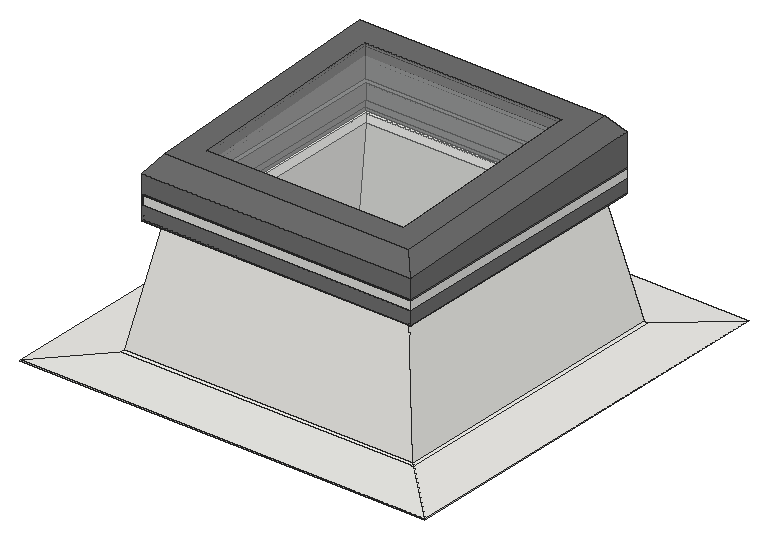
Revit family "Windows_Skylights_Lamilux_FE3°_allin", category Fenster, Revit 2019 (continued)
Definition of nested family "FE3°_Basis"
  Dimensions and locks
    locked: cut or joined group of Extrusion 42, Extrusion 43, Extrusion 61 to Extrusion 59 sketch curve at 2
    locked: Extrusion 64 sketch curve to nested 1 at 200
    locked: plane 6 to Extrusion 64 sketch curve at 160
    locked: Extrusion 64 to plane 4 at 160
    locked: Extrusion 64 to plane 5 at 160
    locked: nested 1 to Extrusion 65 sketch curve at 28.4
    level to Extrusion 64 = 700 mm
    locked: Extrusion 65 to plane 4 at 5.854
    locked: Extrusion 65 to plane 5 at 5.854
    locked: plane 4 to Extrusion 67 at 90
    locked: plane 5 to Extrusion 67 at 90
    locked: Extrusion 68 sketch curve to nested 1 at 3
    locked: Extrusion 68 sketch curve to nested 1 at 46
    locked: nested 1 to Extrusion 68 sketch curve at 19.9
    Extrusion 69 sketch curve to nested 1 to Extrusion 69 sketch curve = 4 mm, 4 mm
    Extrusion 69 sketch curve to Sweep 1 = 6 mm
    locked: Extrusion 70 sketch curve to Extrusion 70 sketch curve at 78.9
    locked: Extrusion 70 sketch curve to Extrusion 70 sketch curve at 43.5
    locked: Extrusion 70 sketch curve to Extrusion 70 sketch curve at 28.851
    locked: Extrusion 70 sketch curve to Extrusion 70 sketch curve at 63.156
    locked: Extrusion 70 sketch curve to Extrusion 70 sketch curve at 20
    locked: Extrusion 70 sketch curve to Extrusion 70 sketch curve at 66.4
    locked: Revolve 72 sketch curve to cut or joined group of Extrusion 70, Extrusion 71 at 46
    locked: Revolve 72 sketch curve to cut or joined group of Extrusion 70, Extrusion 71 at 20
    locked: Revolve 72 sketch curve to cut or joined group of Extrusion 70, Extrusion 71 at 43.607
    locked: Revolve 72 sketch curve to Revolve 72 sketch curve at 5
    locked: Revolve 72 sketch curve to Revolve 72 sketch curve at 398.5
    locked: Revolve 72 to Extrusion 73 sketch curve at 53.5
    locked: Extrusion 73 sketch curve to Extrusion 73 sketch curve at 160
    locked: Extrusion 73 sketch curve to Revolve 72 at 25.5
    locked: Extrusion 74 sketch curve to Extrusion 74 sketch curve at 6
    locked: Extrusion 74 sketch curve to Extrusion 74 sketch curve at 12
    locked: Revolve 72 sketch curve to Revolve 72 sketch curve at 17.5
    locked: Revolve 72 sketch curve to Revolve 72 sketch curve at 33
    locked: Extrusion 75 sketch curve to Extrusion 75 sketch curve at 14
    Extrusion 75 sketch curve to Extrusion 75 sketch curve to cut or joined group of Revolve 72, Extrusion 73, Extrusion 74, Extrusion 75 = 20 mm locked, 33.5 mm
    equal spacing: plane 11 "Lüfter_links", plane 3 "Mitte (Links/rechts)", plane 10 "Lüfter_rechts"
    plane 11 "Lüfter_links" to plane 10 "Lüfter_rechts" = 710 mm
    Extrusion 77 sketch curve to plane 11 "Lüfter_links" = 4 mm
    locked: Revolve 80 sketch curve to Revolve 80 sketch curve at 9.5
    Extrusion 85 sketch curve to plane 10 "Lüfter_rechts" = 4 mm
    locked: Revolve 87 sketch curve to Revolve 87 sketch curve at 9.5
    locked: Extrusion 92 sketch curve to Extrusion 92 sketch curve at 37.25
    Extrusion 92 sketch curve to Extrusion 92 sketch curve to Extrusion 92 sketch curve = 79 mm locked, 24.65 mm
    Extrusion 92 sketch curve to Extrusion 92 sketch curve = 17 mm  (x3)
    Extrusion 92 sketch curve to Extrusion 92 sketch curve = 10.25 mm
    Extrusion 92 sketch curve to Extrusion 92 sketch curve = 25.25 mm
    Extrusion 92 sketch curve to Extrusion 92 sketch curve = 43.75 mm
    locked: Revolve 94 sketch curve to Revolve 94 sketch curve at 566
    locked: nested 1 to Extrusion 79 sketch curve at 95
    locked: cut or joined group of Extrusion 86, Extrusion 88 to Extrusion 88 sketch curve at 95
    locked: cut or joined group of Extrusion 86, Extrusion 88 to Revolve 94 sketch curve at 24.35
    locked: Revolve 107 sketch curve to cut or joined group of Extrusion 86, Extrusion 88 at 46
    locked: cut or joined group of Extrusion 86, Extrusion 88 to Revolve 107 sketch curve at 37.5
    locked: Revolve 107 sketch curve to Revolve 107 sketch curve at 194
    locked: Extrusion 108 sketch curve to Extrusion 108 sketch curve at 44
    locked: Extrusion 108 sketch curve to Extrusion 108 sketch curve at 2.5
    locked: Extrusion 109 sketch curve to Extrusion 109 sketch curve at 7
    locked: Extrusion 110 sketch curve to Extrusion 110 sketch curve at 3  (x2)
    Revolve 107 to Extrusion 110 sketch curve = 27 mm
    radius of Extrusion 35 sketch curve = 40 mm
    radius of Extrusion 42 sketch curve = 19 mm
    radius of Extrusion 35 sketch curve = 19 mm
    radius of Extrusion 58 sketch curve = 19.037 mm
    locked: Sweep 3 sketch curve to Sweep 3 sketch curve (angle 93.00°)
    locked: Extrusion 35 sketch curve to nested 1 (angle 34.00°)
    locked: Extrusion 42 sketch curve to nested 1 (angle 34.00°)
    locked: Extrusion 58 sketch curve to Extrusion 41 (angle 34.00°)
    aligned and locked: level to plane 2
    aligned and locked: plane 3 "Mitte (Links/rechts)" to nested 1
    aligned and locked: Sweep 1 to Sweep 2 sketch curve
    aligned and locked: SweptBlend 5 sketch curve to Sweep 4
    aligned and locked: Sweep 4 to SweptBlend 6 sketch curve
    aligned and locked: Sweep 7 sketch curve to SweptBlend 5
    aligned and locked: Sweep 7 sketch curve to nested 1
    aligned and locked: SweptBlend 5 to Sweep 7 sketch curve
    aligned and locked: Sweep 8 sketch curve to profile plane
    aligned and locked: Sweep 1 to Sweep 3 sketch curve
    aligned and locked: Sweep 3 sketch curve to Sweep 1
    aligned and locked: Sweep 3 to Sweep 4 sketch curve
    aligned and locked: SweptBlend 5 sketch curve to Sweep 3
    aligned and locked: Sweep 3 to SweptBlend 6 sketch curve
    aligned and locked: Sweep 8 sketch curve to cut or joined group of Sweep 3, Sweep 4, SweptBlend 5, SweptBlend 6, Sweep 7, Sweep 8, Sweep 9
    aligned and locked: Sweep 9 sketch curve to cut or joined group of Sweep 3, Sweep 4, SweptBlend 5, SweptBlend 6, Sweep 7, Sweep 8, Sweep 9
    aligned and locked: Sweep 10 sketch curve to profile plane  (x2)
    aligned and locked: Sweep 10 sketch curve to cut or joined group of Sweep 3, Sweep 4, SweptBlend 5, SweptBlend 6, Sweep 7, Sweep 8, Sweep 9  (x2)
    aligned and locked: cut or joined group of Sweep 3, Sweep 4, SweptBlend 5, SweptBlend 6, Sweep 7, Sweep 8, Sweep 9 to Sweep 10 sketch curve
    aligned and locked: Sweep 11 sketch curve to profile plane  (x3)
    aligned and locked: Sweep 11 sketch curve to Sweep 10
    aligned and locked: cut or joined group of Sweep 3, Sweep 4, SweptBlend 5, SweptBlend 6, Sweep 7, Sweep 8, Sweep 9 to Sweep 11 sketch curve  (x3)
    aligned and locked: Extrusion 28 sketch curve to nested 1
    aligned and locked: Extrusion 28 sketch curve to Extrusion 28 sketch curve  (x2)
    aligned and locked: nested 1 to Extrusion 28 sketch curve
    aligned and locked: Extrusion 29 sketch curve to cut or joined group of Extrusion 28, Extrusion 29, Extrusion 71  (x9)
    aligned and locked: cut or joined group of Extrusion 28, Extrusion 29, Extrusion 71 to Extrusion 29 sketch curve
    aligned and locked: Extrusion 30 sketch curve to cut or joined group of Extrusion 28, Extrusion 29, Extrusion 71  (x2)
    aligned and locked: Sweep 34 sketch curve to cut or joined group of Extrusion 31, Extrusion 32, Extrusion 33, Extrusion 71, Extrusion 93
    aligned and locked: cut or joined group of Extrusion 31, Extrusion 32, Extrusion 33, Extrusion 71, Extrusion 93 to Sweep 34 sketch curve
    aligned and locked: Sweep 34 sketch curve to Sweep 34 sketch curve  (x4)
    aligned and locked: cut or joined group of Extrusion 28, Extrusion 29, Extrusion 71 to Extrusion 37 sketch curve
    aligned and locked: Extrusion 37 sketch curve to cut or joined group of Extrusion 28, Extrusion 29, Extrusion 71  (x5)
    aligned and locked: Extrusion 38 sketch curve to cut or joined group of Extrusion 28, Extrusion 29, Extrusion 71  (x6)
    aligned and locked: Extrusion 37 to Extrusion 39 sketch curve
    aligned and locked: Extrusion 39 sketch curve to Extrusion 37  (x2)
    aligned and locked: Extrusion 39 sketch curve to cut or joined group of Extrusion 28, Extrusion 29, Extrusion 71
    aligned and locked: Extrusion 40 sketch curve to Extrusion 38  (x3)
    aligned and locked: Extrusion 40 sketch curve to cut or joined group of Extrusion 28, Extrusion 29, Extrusion 71
    aligned and locked: Extrusion 41 sketch curve to Extrusion 30  (x4)
    aligned and locked: Sweep 48 sketch curve to cut or joined group of Sweep 34, Extrusion 36, Extrusion 71, Extrusion 93
    aligned and locked: Sweep 48 sketch curve to cut or joined group of Extrusion 44, Extrusion 45, Extrusion 46, Extrusion 47, Extrusion 88, Extrusion 103  (x2)
    aligned and locked: Sweep 48 sketch curve to Sweep 48 sketch curve  (x4)
    aligned and locked: Extrusion 49 sketch curve to cut or joined group of Extrusion 28, Extrusion 29, Extrusion 71  (x6)
    aligned and locked: Extrusion 50 sketch curve to cut or joined group of Extrusion 28, Extrusion 29, Extrusion 71  (x5)
    aligned and locked: cut or joined group of Extrusion 28, Extrusion 29, Extrusion 71 to Extrusion 50 sketch curve
    aligned and locked: Extrusion 51 sketch curve to Extrusion 49  (x3)
    aligned and locked: Extrusion 51 sketch curve to cut or joined group of Extrusion 28, Extrusion 29, Extrusion 71
    aligned and locked: Extrusion 50 to Extrusion 52 sketch curve
    aligned and locked: Extrusion 52 sketch curve to Extrusion 50  (x2)
    aligned and locked: Extrusion 52 sketch curve to cut or joined group of Extrusion 28, Extrusion 29, Extrusion 71
    aligned and locked: Extrusion 53 sketch curve to Extrusion 30  (x4)
    aligned and locked: Extrusion 12 sketch curve to cut or joined group of Extrusion 15, Extrusion 29, Extrusion 98  (x6)
    aligned and locked: cut or joined group of Extrusion 15, Extrusion 29, Extrusion 98 to Extrusion 22 sketch curve
    aligned and locked: Extrusion 22 sketch curve to cut or joined group of Extrusion 15, Extrusion 29, Extrusion 98  (x5)
    aligned and locked: cut or joined group of Extrusion 22, Extrusion 29, Extrusion 33, Extrusion 93 to Extrusion 16 sketch curve
    aligned and locked: Extrusion 16 sketch curve to cut or joined group of Extrusion 22, Extrusion 29, Extrusion 33, Extrusion 93  (x5)
    aligned and locked: cut or joined group of Extrusion 22, Extrusion 29, Extrusion 33, Extrusion 93 to Extrusion 19 sketch curve
    aligned and locked: Extrusion 19 sketch curve to cut or joined group of Extrusion 22, Extrusion 29, Extrusion 33, Extrusion 93  (x5)
    aligned and locked: cut or joined group of Extrusion 22, Extrusion 29, Extrusion 33, Extrusion 93 to Extrusion 23 sketch curve
    aligned and locked: Extrusion 23 sketch curve to cut or joined group of Extrusion 22, Extrusion 29, Extrusion 33, Extrusion 93  (x5)
    aligned and locked: cut or joined group of Extrusion 22, Extrusion 29, Extrusion 33, Extrusion 93 to Extrusion 24 sketch curve
    aligned and locked: cut or joined group of Extrusion 22, Extrusion 29, Extrusion 33, Extrusion 93 to Extrusion 17 sketch curve
    aligned and locked: Extrusion 17 sketch curve to Extrusion 24
    aligned and locked: cut or joined group of Extrusion 22, Extrusion 29, Extrusion 33, Extrusion 93 to Extrusion 13 sketch curve
    aligned and locked: Extrusion 13 sketch curve to Extrusion 24
    aligned and locked: cut or joined group of Extrusion 22, Extrusion 29, Extrusion 33, Extrusion 93 to Extrusion 20 sketch curve
    aligned and locked: Extrusion 20 sketch curve to Extrusion 24
    aligned and locked: cut or joined group of Extrusion 22, Extrusion 29, Extrusion 33, Extrusion 93 to Extrusion 25 sketch curve
    aligned and locked: Extrusion 25 sketch curve to Extrusion 24
    aligned and locked: Extrusion 26 sketch curve to Extrusion 24
    aligned and locked: Extrusion 18 sketch curve to Extrusion 26  (x6)
    aligned and locked: Extrusion 14 sketch curve to Extrusion 26  (x6)
    aligned and locked: Extrusion 21 sketch curve to Extrusion 26  (x6)
    aligned and locked: Extrusion 27 sketch curve to Extrusion 26  (x6)
    aligned and locked: Extrusion 32 sketch curve to cut or joined group of Extrusion 31, Extrusion 32, Extrusion 33, Extrusion 71, Extrusion 93  (x4)
    aligned and locked: Extrusion 54 sketch curve to cut or joined group of Extrusion 31, Extrusion 32, Extrusion 33, Extrusion 71, Extrusion 93  (x14)
    aligned and locked: cut or joined group of Extrusion 31, Extrusion 32, Extrusion 33, Extrusion 71, Extrusion 93 to Extrusion 55 sketch curve  (x2)
    aligned and locked: Extrusion 55 sketch curve to cut or joined group of Extrusion 31, Extrusion 32, Extrusion 33, Extrusion 71, Extrusion 93  (x3)
    aligned and locked: Extrusion 57 sketch curve to cut or joined group of Extrusion 31, Extrusion 32, Extrusion 33, Extrusion 71, Extrusion 93  (x4)
    aligned and locked: cut or joined group of Extrusion 31, Extrusion 32, Extrusion 33, Extrusion 71, Extrusion 93 to Extrusion 57 sketch curve
    aligned and locked: Extrusion 56 sketch curve to cut or joined group of Extrusion 31, Extrusion 32, Extrusion 33, Extrusion 71, Extrusion 93  (x4)
    aligned and locked: cut or joined group of Extrusion 31, Extrusion 32, Extrusion 33, Extrusion 71, Extrusion 93 to Extrusion 44 sketch curve  (x2)
    aligned and locked: Extrusion 44 sketch curve to cut or joined group of Extrusion 31, Extrusion 32, Extrusion 33, Extrusion 71, Extrusion 93  (x11)
    aligned and locked: cut or joined group of Extrusion 31, Extrusion 32, Extrusion 33, Extrusion 71, Extrusion 93 to Extrusion 47 sketch curve
    aligned and locked: cut or joined group of Extrusion 44, Extrusion 45, Extrusion 46, Extrusion 47, Extrusion 88, Extrusion 103 to Extrusion 47 sketch curve
    aligned and locked: Extrusion 47 sketch curve to cut or joined group of Extrusion 44, Extrusion 45, Extrusion 46, Extrusion 47, Extrusion 88, Extrusion 103  (x6)
    aligned and locked: Extrusion 47 sketch curve to cut or joined group of Extrusion 31, Extrusion 32, Extrusion 33, Extrusion 71, Extrusion 93
    aligned and locked: Extrusion 45 sketch curve to cut or joined group of Extrusion 44, Extrusion 45, Extrusion 46, Extrusion 47, Extrusion 88, Extrusion 103  (x5)
    aligned and locked: Extrusion 45 sketch curve to cut or joined group of Extrusion 31, Extrusion 32, Extrusion 33, Extrusion 71, Extrusion 93
    aligned and locked: cut or joined group of Extrusion 44, Extrusion 45, Extrusion 46, Extrusion 47, Extrusion 88, Extrusion 103 to Extrusion 45 sketch curve
    aligned and locked: cut or joined group of Extrusion 44, Extrusion 45, Extrusion 46, Extrusion 47, Extrusion 88, Extrusion 103 to Extrusion 46 sketch curve
    aligned and locked: Extrusion 46 sketch curve to cut or joined group of Extrusion 44, Extrusion 45, Extrusion 46, Extrusion 47, Extrusion 88, Extrusion 103
    aligned and locked: Sweep 60 sketch curve to Sweep 48  (x3)
    aligned and locked: Sweep 60 sketch curve to cut or joined group of Sweep 34, Extrusion 36, Extrusion 71, Extrusion 93
    aligned and locked: cut or joined group of Sweep 34, Extrusion 36, Extrusion 71, Extrusion 93 to Sweep 60 sketch curve
    aligned and locked: Sweep 60 sketch curve to cut or joined group of Extrusion 54, Extrusion 55, Extrusion 56, Extrusion 57, Extrusion 59
    aligned and locked: Sweep 60 sketch curve to Sweep 60 sketch curve  (x2)
    aligned and locked: cut or joined group of Extrusion 54, Extrusion 55, Extrusion 56, Extrusion 57, Extrusion 59 to Sweep 60 sketch curve
    aligned and locked: Extrusion 33 sketch curve to cut or joined group of Extrusion 44, Extrusion 45, Extrusion 46, Extrusion 47, Extrusion 88, Extrusion 103  (x4)
    aligned and locked: cut or joined group of Extrusion 42, Extrusion 43, Extrusion 61 to Extrusion 61 sketch curve  (x2)
    aligned and locked: cut or joined group of Extrusion 35, Extrusion 36, Extrusion 62, Extrusion 93 to Extrusion 62 sketch curve  (x2)
    aligned and locked: cut or joined group of Extrusion 58, Extrusion 59, Extrusion 63 to Extrusion 63 sketch curve  (x2)
    aligned and locked: Extrusion 64 sketch curve to level
    aligned and locked: Extrusion 64 sketch curve to nested 1
    aligned and locked: Extrusion 65 sketch curve to cut or joined group of Sweep 3, Sweep 4, SweptBlend 5, SweptBlend 6, Sweep 7, Sweep 8, Sweep 9  (x3)
    aligned and locked: Sweep 66 sketch curve to Extrusion 65
    aligned and locked: Sweep 66 to Extrusion 67 sketch curve
    aligned and locked: Extrusion 67 sketch curve to Sweep 66  (x2)
    aligned and locked: Extrusion 65 to Extrusion 67 sketch curve
    aligned and locked: Extrusion 68 sketch curve to Sweep 1
    aligned and locked: Extrusion 69 sketch curve to Extrusion 69 sketch curve
    aligned and locked: Extrusion 70 sketch curve to nested 1  (x2)
    aligned and locked: nested 1 to Extrusion 70 sketch curve
    aligned and locked: Extrusion 71 sketch curve to Extrusion 70
    aligned and locked: Revolve 72 sketch curve to Revolve 72 sketch curve
    aligned and locked: Extrusion 74 sketch curve to cut or joined group of Extrusion 68, Extrusion 69
    aligned and locked: Extrusion 75 sketch curve to cut or joined group of Revolve 72, Extrusion 73, Extrusion 74, Extrusion 75
    aligned and locked: Extrusion 75 sketch curve to cut or joined group of Extrusion 70, Extrusion 71
    aligned and locked: Extrusion 76 sketch curve to cut or joined group of Extrusion 68, Extrusion 69  (x8)
    aligned and locked: Extrusion 77 sketch curve to Extrusion 77 sketch curve
    aligned and locked: Extrusion 78 sketch curve to cut or joined group of Extrusion 70, Extrusion 71  (x14)
    aligned and locked: Extrusion 78 sketch curve to cut or joined group of Extrusion 38, Extrusion 40, Extrusion 88, Extrusion 103
    aligned and locked: Extrusion 78 sketch curve to nested 1
    aligned and locked: Revolve 80 sketch curve to cut or joined group of Revolve 72, Extrusion 73, Extrusion 74, Extrusion 75  (x4)
    aligned and locked: Extrusion 81 sketch curve to cut or joined group of Revolve 72, Extrusion 73, Extrusion 74, Extrusion 75  (x4)
    aligned and locked: Extrusion 82 sketch curve to cut or joined group of Revolve 72, Extrusion 73, Extrusion 74, Extrusion 75  (x3)
    aligned and locked: Extrusion 82 sketch curve to cut or joined group of Extrusion 68, Extrusion 69
    aligned and locked: Extrusion 83 sketch curve to cut or joined group of Revolve 72, Extrusion 73, Extrusion 74, Extrusion 75  (x4)
    aligned and locked: Extrusion 83 sketch curve to cut or joined group of Extrusion 70, Extrusion 71
    aligned and locked: Extrusion 84 sketch curve to cut or joined group of Extrusion 68, Extrusion 69  (x8)
    aligned and locked: Extrusion 86 sketch curve to cut or joined group of Extrusion 70, Extrusion 71  (x14)
    aligned and locked: Extrusion 86 sketch curve to cut or joined group of Extrusion 38, Extrusion 40, Extrusion 88, Extrusion 103
    aligned and locked: Revolve 87 sketch curve to cut or joined group of Revolve 80, Extrusion 81, Extrusion 82, Extrusion 83
    aligned and locked: Revolve 87 sketch curve to cut or joined group of Revolve 72, Extrusion 73, Extrusion 74, Extrusion 75
    aligned and locked: Revolve 87 sketch curve to Revolve 87 sketch curve
    aligned and locked: Extrusion 89 sketch curve to cut or joined group of Revolve 72, Extrusion 73, Extrusion 74, Extrusion 75  (x4)
    aligned and locked: Extrusion 90 sketch curve to Revolve 87
    aligned and locked: Extrusion 90 sketch curve to cut or joined group of Revolve 72, Extrusion 73, Extrusion 74, Extrusion 75  (x2)
    aligned and locked: Extrusion 90 sketch curve to cut or joined group of Extrusion 84, Extrusion 85
    aligned and locked: Extrusion 91 sketch curve to Extrusion 89
    aligned and locked: Extrusion 91 sketch curve to cut or joined group of Revolve 72, Extrusion 73, Extrusion 74, Extrusion 75  (x3)
    aligned and locked: Extrusion 92 sketch curve to cut or joined group of Extrusion 38, Extrusion 40, Extrusion 88, Extrusion 103
    aligned and locked: Extrusion 93 sketch curve to cut or joined group of Extrusion 92, Extrusion 93
    aligned and locked: Revolve 94 sketch curve to Revolve 94 sketch curve
    aligned and locked: Extrusion 95 sketch curve to cut or joined group of Revolve 87, Extrusion 89, Extrusion 90, Extrusion 91
    aligned and locked: Extrusion 96 sketch curve to Revolve 94  (x3)
    aligned and locked: Extrusion 97 sketch curve to cut or joined group of Extrusion 38, Extrusion 40, Extrusion 88, Extrusion 103
    aligned and locked: Extrusion 97 sketch curve to cut or joined group of Extrusion 92, Extrusion 93  (x8)
    aligned and locked: Extrusion 98 sketch curve to cut or joined group of Extrusion 92, Extrusion 93  (x2)
    aligned and locked: Revolve 99 sketch curve to cut or joined group of Revolve 94, Extrusion 95, Extrusion 96  (x4)
    aligned and locked: Revolve 99 sketch curve to Revolve 99 sketch curve
    aligned and locked: cut or joined group of Revolve 94, Extrusion 95, Extrusion 96 to Revolve 99 sketch curve
    aligned and locked: Extrusion 100 sketch curve to cut or joined group of Extrusion 84, Extrusion 85
    aligned and locked: Extrusion 100 sketch curve to cut or joined group of Revolve 94, Extrusion 95, Extrusion 96
    aligned and locked: Extrusion 101 sketch curve to cut or joined group of Revolve 94, Extrusion 95, Extrusion 96  (x4)
    aligned and locked: Extrusion 102 sketch curve to cut or joined group of Extrusion 38, Extrusion 40, Extrusion 88, Extrusion 103
    aligned and locked: Extrusion 102 sketch curve to cut or joined group of Extrusion 92, Extrusion 93  (x7)
    aligned and locked: cut or joined group of Extrusion 92, Extrusion 93 to Extrusion 102 sketch curve
    aligned and locked: Extrusion 103 sketch curve to Extrusion 102
    aligned and locked: Extrusion 103 sketch curve to cut or joined group of Extrusion 92, Extrusion 93
    aligned and locked: Revolve 104 sketch curve to cut or joined group of Revolve 94, Extrusion 95, Extrusion 96  (x4)
    aligned and locked: Revolve 104 sketch curve to Revolve 104 sketch curve
    aligned and locked: cut or joined group of Revolve 94, Extrusion 95, Extrusion 96 to Revolve 104 sketch curve
    aligned and locked: Extrusion 105 sketch curve to Revolve 104  (x2)
    aligned and locked: Extrusion 105 sketch curve to cut or joined group of Revolve 94, Extrusion 95, Extrusion 96
    aligned and locked: Extrusion 106 sketch curve to cut or joined group of Extrusion 84, Extrusion 85
    aligned and locked: Extrusion 106 sketch curve to cut or joined group of Revolve 94, Extrusion 95, Extrusion 96
    aligned and locked: Extrusion 79 sketch curve to cut or joined group of Extrusion 86, Extrusion 88
    aligned and locked: Extrusion 88 sketch curve to cut or joined group of Extrusion 86, Extrusion 88
    aligned and locked: Revolve 107 sketch curve to Revolve 107 sketch curve
    aligned and locked: Extrusion 108 sketch curve to cut or joined group of Extrusion 86, Extrusion 88  (x10)
    aligned and locked: Extrusion 108 sketch curve to cut or joined group of Extrusion 38, Extrusion 40, Extrusion 88, Extrusion 103
    aligned and locked: Extrusion 108 sketch curve to cut or joined group of Extrusion 70, Extrusion 71
    aligned and locked: Extrusion 109 sketch curve to Revolve 107
    aligned and locked: Extrusion 109 sketch curve to cut or joined group of Extrusion 84, Extrusion 85
    aligned and locked: Extrusion 110 sketch curve to Revolve 107  (x2)
    aligned and locked: Extrusion 91 sketch curve to cut or joined group of Extrusion 86, Extrusion 88
  Automatic sketch dimensions
    profile plane to Sweep 1 sketch curve = 1.601 mm
    Sweep 1 sketch curve to profile plane = 5.899 mm
    Sweep 1 sketch curve to profile plane = 7.899 mm
    Sweep 1 sketch curve to profile plane = 10.499 mm
    Sweep 1 sketch curve to Sweep 1 sketch curve = 12.5 mm
    Sweep 1 sketch curve to Sweep 1 sketch curve = 28.684 mm
    Sweep 1 sketch curve to profile plane = 4.8 mm  (x2)
    Sweep 1 sketch curve to Sweep 1 sketch curve = 30.1 mm
    Sweep 1 sketch curve to Sweep 1 sketch curve = 13 mm
    Sweep 1 sketch curve to Sweep 1 sketch curve = 15.8 mm
    Sweep 1 sketch curve to Sweep 1 sketch curve = 10.6 mm
    Sweep 1 sketch curve to Sweep 1 sketch curve = 0.405 mm
    Sweep 1 sketch curve to Sweep 1 sketch curve = 11.3 mm
    Sweep 1 sketch curve to Sweep 1 sketch curve = 1.3 mm  (x2)
    Sweep 1 sketch curve to Sweep 1 sketch curve = 5.6 mm  (x2)
    Sweep 1 sketch curve to Sweep 1 sketch curve = 13.5 mm
    Sweep 1 sketch curve to Sweep 1 sketch curve = 7 mm
    profile plane to Sweep 1 sketch curve = 3.5 mm
    profile plane to Sweep 1 sketch curve = 3.9 mm
    Sweep 1 sketch curve to Sweep 1 sketch curve = 20.1 mm
    Sweep 1 sketch curve to Sweep 1 sketch curve = 20.6 mm
    Sweep 1 sketch curve to Sweep 1 sketch curve = 1.8 mm
    Sweep 1 sketch curve to Sweep 1 sketch curve = 18.6 mm
    Sweep 1 sketch curve to Sweep 1 sketch curve = 16.2 mm
    Sweep 2 sketch curve to Sweep 2 sketch curve = 1.154 mm
    Sweep 2 sketch curve to profile plane = 54.209 mm
    Sweep 2 sketch curve to Sweep 2 sketch curve = 20 mm
    Sweep 4 sketch curve to profile plane = 0 mm  (x2)
    profile plane to Sweep 4 sketch curve = 52.716 mm
    profile plane to Sweep 4 sketch curve = 81.4 mm
    profile plane to Sweep 4 sketch curve = 15.9 mm
    SweptBlend 5 sketch curve to profile plane = 0 mm  (x2)
    profile plane to SweptBlend 5 sketch curve = 0 mm  (x2)
    SweptBlend 5 sketch curve to SweptBlend 5 sketch curve = 52.716 mm  (x2)
    profile plane to SweptBlend 5 sketch curve = 15.9 mm  (x2)
    SweptBlend 5 sketch curve to SweptBlend 5 sketch curve = 28.684 mm
    SweptBlend 5 sketch curve to SweptBlend 5 sketch curve = 81.4 mm
    SweptBlend 6 sketch curve to profile plane = 0 mm  (x4)
    profile plane to SweptBlend 6 sketch curve = 52.716 mm  (x2)
    profile plane to SweptBlend 6 sketch curve = 15.9 mm  (x2)
    SweptBlend 6 sketch curve to SweptBlend 6 sketch curve = 28.684 mm
    profile plane to SweptBlend 6 sketch curve = 81.4 mm
    Sweep 7 sketch curve to profile plane = 0 mm  (x2)
    profile plane to Sweep 7 sketch curve = 34.948 mm  (x2)
    Sweep 7 sketch curve to Sweep 7 sketch curve = 28.3 mm  (x2)
    profile plane to Sweep 8 sketch curve = 29.567 mm
    Sweep 8 sketch curve to Sweep 8 sketch curve = 34.963 mm
    Sweep 9 sketch curve to profile plane = 0 mm
    profile plane to Sweep 9 sketch curve = 27.185 mm
    profile plane to Sweep 10 sketch curve = 6 mm
    Sweep 10 sketch curve to Sweep 10 sketch curve = 20.027 mm
    Sweep 10 sketch curve to Sweep 10 sketch curve = 8 mm  (x2)
    Sweep 10 sketch curve to Sweep 10 sketch curve = 34.027 mm
    Sweep 10 sketch curve to Sweep 10 sketch curve = 6 mm
    Sweep 11 sketch curve to Sweep 11 sketch curve = 4 mm
    Extrusion 28 sketch curve to Extrusion 28 sketch curve = 9.23 mm  (x2)
    Extrusion 28 sketch curve to Extrusion 28 sketch curve = 45.578 mm
    Extrusion 28 sketch curve to Extrusion 28 sketch curve = 5 mm
    Extrusion 15 sketch curve to plane 6 = 139.3 mm
    Extrusion 15 sketch curve to Extrusion 15 sketch curve = 2.7 mm
    Extrusion 15 sketch curve to Extrusion 15 sketch curve = 34.6 mm
    Extrusion 15 sketch curve to Extrusion 15 sketch curve = 40 mm
    Extrusion 15 sketch curve to Extrusion 15 sketch curve = 0 mm
    Extrusion 15 sketch curve to Extrusion 15 sketch curve = 18.168 mm
    Extrusion 24 sketch curve to plane 6 = 124.257 mm
    Extrusion 24 sketch curve to Extrusion 24 sketch curve = 18 mm
    Extrusion 24 sketch curve to Extrusion 24 sketch curve = 24 mm
    Extrusion 26 sketch curve to Extrusion 26 sketch curve = 5 mm  (x2)
    Extrusion 26 sketch curve to Extrusion 26 sketch curve = 30 mm
    Extrusion 26 sketch curve to Extrusion 26 sketch curve = 37.5 mm
    Extrusion 13 sketch curve to plane 6 = 124.257 mm
    Extrusion 13 sketch curve to Extrusion 13 sketch curve = 18 mm
    Extrusion 17 sketch curve to plane 6 = 124.257 mm
    Extrusion 17 sketch curve to Extrusion 17 sketch curve = 18 mm
    Extrusion 20 sketch curve to plane 6 = 124.257 mm
    Extrusion 20 sketch curve to Extrusion 20 sketch curve = 18 mm
    Extrusion 25 sketch curve to plane 6 = 124.257 mm
    Extrusion 25 sketch curve to Extrusion 25 sketch curve = 18 mm
    Extrusion 35 sketch curve to Extrusion 35 sketch curve = 9.25 mm
    Extrusion 35 sketch curve to Extrusion 35 sketch curve = 0 mm
    Sweep 34 sketch curve to Sweep 34 sketch curve = 3 mm  (x4)
    Sweep 34 sketch curve to Sweep 34 sketch curve = 28 mm
    Sweep 34 sketch curve to Sweep 34 sketch curve = 17 mm  (x2)
    Sweep 34 sketch curve to Sweep 34 sketch curve = 20 mm  (x2)
    Sweep 48 sketch curve to Sweep 48 sketch curve = 3 mm  (x4)
    Sweep 48 sketch curve to Sweep 48 sketch curve = 17 mm  (x2)
    Sweep 48 sketch curve to Sweep 48 sketch curve = 20 mm  (x2)
    plane 7 to Sweep 34 sketch curve = 117.5 mm
    level to Sweep 48 sketch curve = 258.08 mm
    plane 7 to Sweep 48 sketch curve = 117.5 mm
    Extrusion 31 sketch curve to Extrusion 31 sketch curve = 14.039 mm
    Extrusion 31 sketch curve to Extrusion 31 sketch curve = 18.794 mm  (x2)
    Extrusion 31 sketch curve to Extrusion 31 sketch curve = 5.667 mm
    Extrusion 31 sketch curve to Extrusion 31 sketch curve = 16.298 mm
    Extrusion 31 sketch curve to Extrusion 31 sketch curve = 39.37 mm
    Extrusion 31 sketch curve to Extrusion 31 sketch curve = 150 mm
    Extrusion 31 sketch curve to Extrusion 31 sketch curve = 10.432 mm
    Extrusion 31 sketch curve to Extrusion 31 sketch curve = 9.416 mm
    Extrusion 31 sketch curve to Extrusion 31 sketch curve = 9.29 mm
    Extrusion 31 sketch curve to Extrusion 31 sketch curve = 39.029 mm
    Extrusion 31 sketch curve to Extrusion 31 sketch curve = 5.488 mm
    Extrusion 31 sketch curve to Extrusion 31 sketch curve = 20 mm
    Extrusion 31 sketch curve to Extrusion 31 sketch curve = 8.73 mm
    Extrusion 31 sketch curve to Extrusion 31 sketch curve = 15.57 mm
    Extrusion 31 sketch curve to Extrusion 31 sketch curve = 37.488 mm
    Extrusion 31 sketch curve to Extrusion 31 sketch curve = 26 mm
    Extrusion 31 sketch curve to Extrusion 31 sketch curve = 20.1 mm
    Extrusion 31 sketch curve to Extrusion 31 sketch curve = 33.16 mm
    level to Sweep 34 sketch curve = 260.08 mm
    Extrusion 32 sketch curve to Extrusion 32 sketch curve = 12.039 mm
    Extrusion 32 sketch curve to Extrusion 32 sketch curve = 35.5 mm
    Extrusion 32 sketch curve to Extrusion 32 sketch curve = 7.29 mm
    Extrusion 32 sketch curve to Extrusion 32 sketch curve = 42.517 mm
    Extrusion 32 sketch curve to Extrusion 32 sketch curve = 20 mm
    Extrusion 32 sketch curve to Extrusion 32 sketch curve = 62.617 mm
    Extrusion 32 sketch curve to Extrusion 32 sketch curve = 24.461 mm
    Extrusion 54 sketch curve to Extrusion 54 sketch curve = 18.794 mm  (x2)
    Extrusion 54 sketch curve to Extrusion 54 sketch curve = 5.667 mm
    Extrusion 55 sketch curve to Extrusion 55 sketch curve = 12.039 mm
    Extrusion 55 sketch curve to Extrusion 55 sketch curve = 24.461 mm
    Extrusion 57 sketch curve to Extrusion 57 sketch curve = 35.5 mm
    Extrusion 57 sketch curve to Extrusion 57 sketch curve = 7.29 mm
    Extrusion 44 sketch curve to Extrusion 44 sketch curve = 18.794 mm  (x2)
    Extrusion 44 sketch curve to Extrusion 44 sketch curve = 5.667 mm
    Extrusion 44 sketch curve to Extrusion 44 sketch curve = 28.084 mm
    Extrusion 47 sketch curve to Extrusion 47 sketch curve = 18.794 mm
    Extrusion 45 sketch curve to Extrusion 45 sketch curve = 18.794 mm
    Extrusion 45 sketch curve to Extrusion 45 sketch curve = 5.667 mm
    Extrusion 46 sketch curve to Extrusion 46 sketch curve = 150 mm
    Sweep 60 sketch curve to profile plane = 3 mm  (x2)
    Sweep 60 sketch curve to Sweep 60 sketch curve = 3 mm  (x4)
    Sweep 60 sketch curve to Sweep 60 sketch curve = 20 mm  (x4)
    Extrusion 26 sketch curve to plane 6 = 130 mm
    plane 7 to Extrusion 31 sketch curve = 168.5 mm
    Extrusion 44 sketch curve to Extrusion 44 sketch curve = 14.039 mm
    Extrusion 54 sketch curve to Extrusion 54 sketch curve = 14.039 mm
    Extrusion 54 sketch curve to Extrusion 54 sketch curve = 9.29 mm
    plane 4 to Sweep 66 sketch curve = 0 mm
    Sweep 66 sketch curve to plane 5 = 0 mm
    plane 7 to Sweep 66 sketch curve = 0 mm
    Sweep 66 sketch curve to plane 6 = 0 mm
    Sweep 66 sketch curve to level = 0 mm
    Sweep 66 sketch curve to profile plane = 0 mm
    profile plane to Sweep 66 sketch curve = 22.218 mm
    profile plane to Sweep 66 sketch curve = 90 mm
    level to Sweep 66 sketch curve = 7.944 mm
    Sweep 66 sketch curve to Sweep 66 sketch curve = 131.557 mm
    Sweep 66 sketch curve to Sweep 66 sketch curve = 1.826 mm
    Sweep 66 sketch curve to profile plane = 28.443 mm
    Extrusion 32 sketch curve to Extrusion 32 sketch curve = 50 mm
    Extrusion 32 sketch curve to plane 6 = 117.5 mm
    Extrusion 68 sketch curve to Extrusion 68 sketch curve = 0 mm  (x3)
    Extrusion 68 sketch curve to Extrusion 68 sketch curve = 5.511 mm
    Extrusion 68 sketch curve to Extrusion 68 sketch curve = 6 mm
    Extrusion 68 sketch curve to Extrusion 68 sketch curve = 24.786 mm
    Extrusion 68 sketch curve to Extrusion 68 sketch curve = 0.014 mm
    Extrusion 68 sketch curve to Extrusion 68 sketch curve = 5 mm
    Extrusion 68 sketch curve to Extrusion 68 sketch curve = 20 mm
    Extrusion 68 sketch curve to Extrusion 68 sketch curve = 7.222 mm
    Extrusion 68 sketch curve to Extrusion 68 sketch curve = 7.212 mm
    Extrusion 69 sketch curve to plane 3 "Mitte (Links/rechts)" = 12 mm
    Extrusion 69 sketch curve to Extrusion 69 sketch curve = 18 mm  (x2)
    Extrusion 69 sketch curve to Extrusion 69 sketch curve = 8 mm
    Extrusion 69 sketch curve to Extrusion 69 sketch curve = 0 mm  (x2)
    Extrusion 69 sketch curve to Extrusion 69 sketch curve = 31.142 mm
    Extrusion 69 sketch curve to Extrusion 69 sketch curve = 19.615 mm
    Extrusion 70 sketch curve to Extrusion 70 sketch curve = 0.32 mm
    Extrusion 70 sketch curve to Extrusion 70 sketch curve = 5.075 mm
    Extrusion 70 sketch curve to Extrusion 70 sketch curve = 6.5 mm
    Extrusion 70 sketch curve to Extrusion 70 sketch curve = 5 mm
    Extrusion 70 sketch curve to Extrusion 70 sketch curve = 1.5 mm
    Extrusion 70 sketch curve to Extrusion 70 sketch curve = 4.101 mm
    Extrusion 70 sketch curve to Extrusion 70 sketch curve = 1.044 mm
    Extrusion 70 sketch curve to Extrusion 70 sketch curve = 1.427 mm
    Extrusion 70 sketch curve to Extrusion 70 sketch curve = 0.256 mm
    Extrusion 70 sketch curve to Extrusion 70 sketch curve = 10 mm
    Extrusion 70 sketch curve to Extrusion 70 sketch curve = 1.549 mm
    Extrusion 70 sketch curve to Extrusion 70 sketch curve = 6.913 mm
    Extrusion 71 sketch curve to Extrusion 71 sketch curve = 80 mm
    Extrusion 71 sketch curve to Extrusion 71 sketch curve = 58.993 mm
    Extrusion 73 sketch curve to Extrusion 73 sketch curve = 69.942 mm
    Revolve 72 sketch curve to Revolve 72 sketch curve = 4.65 mm
    Revolve 72 sketch curve to Revolve 72 sketch curve = 4.496 mm
    Extrusion 74 sketch curve to Extrusion 74 sketch curve = 0 mm
    Extrusion 74 sketch curve to Extrusion 74 sketch curve = 5.995 mm  (x2)
    Extrusion 74 sketch curve to Extrusion 74 sketch curve = 0.714 mm
    Extrusion 74 sketch curve to Extrusion 74 sketch curve = 11.99 mm
    Extrusion 75 sketch curve to Extrusion 75 sketch curve = 14.311 mm
    Extrusion 77 sketch curve to plane 11 "Lüfter_links" = 12 mm
    Extrusion 77 sketch curve to Extrusion 77 sketch curve = 19.979 mm
    plane 11 "Lüfter_links" to Extrusion 77 sketch curve = 4 mm
    Extrusion 77 sketch curve to Extrusion 77 sketch curve = 8 mm
    Extrusion 77 sketch curve to Extrusion 77 sketch curve = 20 mm
    Extrusion 77 sketch curve to Extrusion 77 sketch curve = 0 mm
    Extrusion 77 sketch curve to Extrusion 77 sketch curve = 31.142 mm  (x2)
    Extrusion 78 sketch curve to Extrusion 78 sketch curve = 6.913 mm
    Extrusion 78 sketch curve to Extrusion 78 sketch curve = 5.075 mm
    Extrusion 78 sketch curve to Extrusion 78 sketch curve = 1.293 mm
    Revolve 80 sketch curve to Revolve 80 sketch curve = 0 mm
    Revolve 80 sketch curve to plane 6 = 109.639 mm
    Extrusion 82 sketch curve to Extrusion 82 sketch curve = 5.995 mm  (x2)
    Extrusion 85 sketch curve to plane 10 "Lüfter_rechts" = 12 mm
    Extrusion 85 sketch curve to Extrusion 85 sketch curve = 18 mm  (x2)
    plane 10 "Lüfter_rechts" to Extrusion 85 sketch curve = 4 mm
    Extrusion 85 sketch curve to Extrusion 85 sketch curve = 8 mm
    Extrusion 85 sketch curve to Extrusion 85 sketch curve = 0 mm  (x2)
    Extrusion 85 sketch curve to Extrusion 85 sketch curve = 31.142 mm  (x2)
    Extrusion 86 sketch curve to Extrusion 86 sketch curve = 6.913 mm
    Extrusion 86 sketch curve to Extrusion 86 sketch curve = 5.075 mm
    Extrusion 86 sketch curve to Extrusion 86 sketch curve = 1.293 mm
    Revolve 87 sketch curve to plane 6 = 119.131 mm
    Revolve 87 sketch curve to Revolve 87 sketch curve = 0.074 mm
    Revolve 87 sketch curve to Revolve 87 sketch curve = 1.822 mm
    Revolve 87 sketch curve to Revolve 87 sketch curve = 0 mm
    Extrusion 90 sketch curve to Extrusion 90 sketch curve = 5.995 mm  (x2)
    Extrusion 92 sketch curve to Extrusion 92 sketch curve = 11.123 mm  (x2)
    Extrusion 92 sketch curve to Extrusion 92 sketch curve = 26.25 mm
    Extrusion 92 sketch curve to Extrusion 92 sketch curve = 16 mm
    Extrusion 93 sketch curve to Extrusion 93 sketch curve = 67 mm
    Extrusion 93 sketch curve to Extrusion 93 sketch curve = 79 mm
    Revolve 94 sketch curve to Revolve 94 sketch curve = 3.95 mm
    Revolve 94 sketch curve to Revolve 94 sketch curve = 3.4 mm
    Revolve 94 sketch curve to Revolve 94 sketch curve = 10.15 mm
    Revolve 94 sketch curve to Revolve 94 sketch curve = 12.8 mm
    Revolve 94 sketch curve to Revolve 94 sketch curve = 4.6 mm
    Revolve 94 sketch curve to level = 49.75 mm
    Revolve 94 sketch curve to Revolve 94 sketch curve = 0 mm
    Extrusion 95 sketch curve to Extrusion 95 sketch curve = 0 mm  (x2)
    Extrusion 96 sketch curve to plane 6 = 111.5 mm
    Extrusion 96 sketch curve to Extrusion 96 sketch curve = 24.5 mm
    Extrusion 98 sketch curve to Extrusion 98 sketch curve = 67 mm
    Extrusion 98 sketch curve to Extrusion 98 sketch curve = 79 mm
    Revolve 99 sketch curve to plane 6 = 136 mm
    Revolve 99 sketch curve to Revolve 99 sketch curve = 3.95 mm
    Revolve 99 sketch curve to Revolve 99 sketch curve = 3.43 mm
    Revolve 99 sketch curve to Revolve 99 sketch curve = 17.5 mm
    Revolve 99 sketch curve to Revolve 99 sketch curve = 0 mm
    Extrusion 103 sketch curve to Extrusion 103 sketch curve = 67 mm
    Extrusion 103 sketch curve to Extrusion 103 sketch curve = 79 mm
    Revolve 104 sketch curve to plane 6 = 136 mm
    Revolve 104 sketch curve to Revolve 104 sketch curve = 4 mm
    Revolve 104 sketch curve to Revolve 104 sketch curve = 3.35 mm
    Revolve 104 sketch curve to Revolve 104 sketch curve = 17.5 mm
    Revolve 104 sketch curve to Revolve 104 sketch curve = 0 mm
    Extrusion 105 sketch curve to Extrusion 105 sketch curve = 24.5 mm
    Extrusion 77 sketch curve to plane 6 = 144.257 mm
    Extrusion 77 sketch curve to Extrusion 77 sketch curve = 19.615 mm
    Extrusion 85 sketch curve to plane 6 = 144.257 mm
    Extrusion 85 sketch curve to Extrusion 85 sketch curve = 19.615 mm
    Extrusion 86 sketch curve to Extrusion 86 sketch curve = 7.384 mm
    Extrusion 71 sketch curve to plane 6 = 155.493 mm
    Extrusion 92 sketch curve to plane 6 = 161.5 mm
    Extrusion 92 sketch curve to Extrusion 92 sketch curve = 1.5 mm
    Extrusion 92 sketch curve to Extrusion 92 sketch curve = 4.101 mm
    Extrusion 92 sketch curve to Extrusion 92 sketch curve = 12.943 mm
    Extrusion 92 sketch curve to Extrusion 92 sketch curve = 1.044 mm
    Extrusion 92 sketch curve to Extrusion 92 sketch curve = 5.766 mm
    Extrusion 92 sketch curve to Extrusion 92 sketch curve = 1.427 mm
    Extrusion 92 sketch curve to Extrusion 92 sketch curve = 1.549 mm
    Extrusion 93 sketch curve to plane 6 = 161.5 mm
    Revolve 94 sketch curve to plane 6 = 136 mm
    Revolve 94 sketch curve to Revolve 94 sketch curve = 29.7 mm
    Extrusion 97 sketch curve to Extrusion 97 sketch curve = 11.123 mm
    Extrusion 97 sketch curve to Extrusion 97 sketch curve = 1.5 mm
    Extrusion 97 sketch curve to Extrusion 97 sketch curve = 4.101 mm
    Extrusion 97 sketch curve to Extrusion 97 sketch curve = 12.943 mm
    Extrusion 97 sketch curve to Extrusion 97 sketch curve = 1.044 mm
    Extrusion 97 sketch curve to Extrusion 97 sketch curve = 5.766 mm
    Extrusion 97 sketch curve to Extrusion 97 sketch curve = 1.427 mm
    Extrusion 97 sketch curve to Extrusion 97 sketch curve = 24.65 mm
    Extrusion 97 sketch curve to Extrusion 97 sketch curve = 1.549 mm
    Extrusion 102 sketch curve to Extrusion 102 sketch curve = 11.123 mm
    Extrusion 102 sketch curve to Extrusion 102 sketch curve = 1.5 mm
    Extrusion 102 sketch curve to Extrusion 102 sketch curve = 4.101 mm
    Extrusion 102 sketch curve to Extrusion 102 sketch curve = 12.943 mm
    Extrusion 102 sketch curve to Extrusion 102 sketch curve = 1.044 mm
    Extrusion 102 sketch curve to Extrusion 102 sketch curve = 5.766 mm
    Extrusion 102 sketch curve to Extrusion 102 sketch curve = 1.427 mm
    Extrusion 102 sketch curve to Extrusion 102 sketch curve = 24.65 mm
    Extrusion 102 sketch curve to Extrusion 102 sketch curve = 1.549 mm
    Extrusion 79 sketch curve to Extrusion 79 sketch curve = 60.524 mm
    Extrusion 79 sketch curve to Extrusion 79 sketch curve = 76.149 mm
    Extrusion 88 sketch curve to Extrusion 88 sketch curve = 58.5 mm
    Extrusion 88 sketch curve to Extrusion 88 sketch curve = 75.505 mm
    Revolve 107 sketch curve to Revolve 107 sketch curve = 4.7 mm
    Revolve 107 sketch curve to Revolve 107 sketch curve = 9.67 mm
    Revolve 107 sketch curve to Revolve 107 sketch curve = 5.3 mm
    Revolve 107 sketch curve to Revolve 107 sketch curve = 6.33 mm
    Revolve 107 sketch curve to Revolve 107 sketch curve = 43 mm
    Revolve 107 sketch curve to Revolve 107 sketch curve = 11 mm
    Revolve 107 sketch curve to Revolve 107 sketch curve = 3.3 mm
    Revolve 107 sketch curve to Revolve 107 sketch curve = 27.5 mm
    Extrusion 108 sketch curve to Extrusion 108 sketch curve = 0 mm  (x3)
    Extrusion 108 sketch curve to Extrusion 108 sketch curve = 5 mm
    Extrusion 108 sketch curve to Extrusion 108 sketch curve = 6.549 mm
    Extrusion 108 sketch curve to Extrusion 108 sketch curve = 6.538 mm
    Extrusion 109 sketch curve to Extrusion 109 sketch curve = 1.901 mm
    Extrusion 109 sketch curve to Extrusion 109 sketch curve = 12 mm
    Extrusion 109 sketch curve to Extrusion 109 sketch curve = 2.069 mm
    Extrusion 110 sketch curve to Extrusion 110 sketch curve = 0 mm  (x2)
    Extrusion 110 sketch curve to plane 6 = 148.67 mm
    Extrusion 110 sketch curve to Extrusion 110 sketch curve = 7.67 mm
    Extrusion 110 sketch curve to Extrusion 110 sketch curve = 3.02 mm
    Extrusion 110 sketch curve to Extrusion 110 sketch curve = 5 mm
    Extrusion 110 sketch curve to Extrusion 110 sketch curve = 5.231 mm
    Extrusion 110 sketch curve to Extrusion 110 sketch curve = 0.05 mm
    Extrusion 110 sketch curve to Extrusion 110 sketch curve = 5.196 mm  (x2)
    Extrusion 110 sketch curve to Extrusion 110 sketch curve = 3.951 mm
    Revolve 107 sketch curve to Revolve 107 sketch curve = 18.5 mm
    Extrusion 109 sketch curve to Extrusion 109 sketch curve = 5.9 mm
    Sweep 3 sketch curve to profile plane = 0 mm  (x2)
    radius of Extrusion 68 sketch curve = 3.25 mm
    radius of Extrusion 70 sketch curve = 4 mm
    radius of Extrusion 92 sketch curve = 5.75 mm  (x3)
    radius of Extrusion 95 sketch curve = 6.78 mm
    radius of Extrusion 108 sketch curve = 3 mm
  Nested families
    nested 1: "Aufsatzkranz" at (0, 0, 0), type <- "Aufsatzkranzhöhe", type "K50", detail levels fine
      with OKD-Breite 1500 mm
  Definition of nested family "Aufsatzkranz"
    Parameters (values of type "K40")
      OKD-Länge = 1500 mm
      OKD-Breite = 1000 mm
      Kranzhöhe = 400 mm
    Types (4, lengths in mm): name | Kranzhöhe
      K15 | 150
      K30 | 300
      K40 | 400
      K50 | 500
    Reference planes
      plane 1 "Mitte (Vorne/hinten)": y = 0
      plane 2: z = 0
      plane 3 "Mitte (Links/rechts)": x = 0
      plane 4: y = 750
      plane 5: y = -750
      plane 6: x = -500
      plane 7: x = 500
    Forms (mm)
      Sweep 1, solid
        path origin (0, 0, 0) x (1, 0, 0) y (0, 1, 0)
          loop
            line (-500, 750) -> (-500, -750) -> (500, -750) -> (500, 750) -> (-500, 750)
        profile "Profil_AK : Profil_AK" origin (0, 750, 0) x (0, 1, 0) y (0, 0, 1)
          loop
            line (-85.899, 400) -> (-90, 400) -> (-90, 378.533) -> (0, 0) -> (160, 0) -> (160, 1.826) -> (32.803, 7.742)
            arc (32.803, 7.742) -> (29.694, 8.825) -> (27.933, 11.606) r 5
            line (27.933, 11.606) -> (-22.658, 374.761)
            arc (-22.658, 374.761) -> (-24.995, 379.216) -> (-29.699, 381) r 7.092
            line (-29.699, 381) -> (-80.434, 381)
            arc (-80.434, 381) -> (-83.806, 382.308) -> (-85.413, 385.547) r 5
            line (-85.413, 385.547) -> (-85.899, 400)
    Dimensions and locks
      equal spacing: plane 6, plane 3 "Mitte (Links/rechts)", plane 7
      "OKD-Breite": plane 6 to plane 7
      equal spacing: plane 4, plane 1 "Mitte (Vorne/hinten)", plane 5
      "OKD-Länge": plane 4 to plane 5
      aligned and locked: level to plane 2
      aligned and locked: Sweep 1 sketch curve to plane 4
      aligned and locked: Sweep 1 sketch curve to plane 7
      aligned and locked: plane 5 to Sweep 1 sketch curve
      aligned and locked: plane 6 to Sweep 1 sketch curve
Types (35, lengths in mm): name | zweifach Verglasung | Upstand Material | Glazing Material | Frame Material | Hilfsparameter Spindel 24V | Flügelbock Spindel solo | starr verriegelt | - Kettenschuböffner | dreifach Verglasung | Wärmedurchgang Ug (W/m²K) | Typenbild | Schalldämmwert Rw,P (dB) | OKD_Länge | OKD_Breite | KSA 400 230V tandem | KSA 400 230V | KSA 250 230V tandem | KSA 250 230V | Lichttransmission (%) | Homepage | Hilfsparameter Verglasung | Hilfsparameter KSA | Gesamtenergiedurchlass g (%) | - Handspindel
  50cm x 100cm | yes | none | none | none | no | no | no | yes | no | "1,0...1,1" | <Keine Auswahl> | "35...45" | 1000 | 500 | no | no | no | no | "36...80" | "https://www.lamilux.de/tageslichtsysteme/produkte/flachdach-fenster/flachdach-fenster-mit-aluminiumrahmen.html" | no | no | "27...62" | no
  50cm x 150cm | yes | none | none | none | no | no | no | yes | no | "1,0...1,1" | <Keine Auswahl> | "35...45" | 1500 | 500 | no | no | no | no | "36...80" | "https://www.lamilux.de/tageslichtsysteme/produkte/flachdach-fenster/flachdach-fenster-mit-aluminiumrahmen.html" | no | no | "27...62" | no
  60cm x 60cm | yes | GFK | Glas | Aluminium (1) | no | no | no | yes | no | "1,0...1,1" | <Keine Auswahl> | "35...45" | 600 | 600 | no | no | no | no | "36...80" | "https://www.lamilux.de/tageslichtsysteme/produkte/flachdach-fenster/flachdach-fenster-mit-aluminiumrahmen.html" | no | no | "27...62" | no
  60cm x 90cm | no | none | none | none | no | no | yes | no | yes | "0,6" | <Keine Auswahl> | "39" | 900 | 600 | no | no | no | no | "31...72" | "https://www.lamilux.de/tageslichtsysteme/produkte/flachdach-fenster/flachdach-fenster-mit-aluminiumrahmen.html" | no | no | "24...51" | no
  60cm x 120cm | yes | none | none | none | no | no | no | yes | no | "1,0...1,1" | <Keine Auswahl> | "35...45" | 1200 | 600 | no | no | no | no | "36...80" | "https://www.lamilux.de/tageslichtsysteme/produkte/flachdach-fenster/flachdach-fenster-mit-aluminiumrahmen.html" | no | no | "27...62" | no
  70cm x 135cm | yes | none | none | none | no | no | no | yes | no | "1,0...1,1" | <Keine Auswahl> | "35...45" | 1350 | 700 | no | no | no | no | "36...80" | "https://www.lamilux.de/tageslichtsysteme/produkte/flachdach-fenster/flachdach-fenster-mit-aluminiumrahmen.html" | no | no | "27...62" | no
  80cm x 80cm | yes | none | none | none | no | yes | no | yes | no | "1,0...1,1" | <Keine Auswahl> | "35...45" | 800 | 800 | no | no | no | yes | "36...80" | "https://www.lamilux.de/tageslichtsysteme/produkte/flachdach-fenster/flachdach-fenster-mit-aluminiumrahmen.html" | no | yes | "27...62" | yes
  80cm x 150cm | yes | none | none | none | no | no | no | yes | no | "1,0...1,1" | <Keine Auswahl> | "35...45" | 1500 | 800 | no | no | no | yes | "36...80" | "https://www.lamilux.de/tageslichtsysteme/produkte/flachdach-fenster/flachdach-fenster-mit-aluminiumrahmen.html" | no | yes | "27...62" | no
  90cm x 90cm | yes | none | none | none | no | no | no | yes | no | "1,0...1,1" | <Keine Auswahl> | "35...45" | 900 | 900 | no | no | no | yes | "36...80" | "https://www.lamilux.de/tageslichtsysteme/produkte/flachdach-fenster/flachdach-fenster-mit-aluminiumrahmen.html" | no | yes | "27...62" | no
  90cm x 120cm | yes | none | none | none | no | no | no | yes | no | "1,0...1,1" | <Keine Auswahl> | "35...45" | 1200 | 900 | no | no | no | yes | "36...80" | "https://www.lamilux.de/tageslichtsysteme/produkte/flachdach-fenster/flachdach-fenster-mit-aluminiumrahmen.html" | no | yes | "27...62" | no
  90cm x 145cm | yes | none | none | none | no | no | no | yes | no | "1,0...1,1" | <Keine Auswahl> | "35...45" | 1450 | 900 | no | no | no | yes | "36...80" | "https://www.lamilux.de/tageslichtsysteme/produkte/flachdach-fenster/flachdach-fenster-mit-aluminiumrahmen.html" | no | yes | "27...62" | no
  100cm x 100cm | yes | none | none | none | no | no | no | yes | no | "1,0...1,1" | <Keine Auswahl> | "35...45" | 1000 | 1000 | no | yes | no | no | "36...80" | "https://www.lamilux.de/tageslichtsysteme/produkte/flachdach-fenster/flachdach-fenster-mit-aluminiumrahmen.html" | no | yes | "27...62" | no
  100cm x 150cm | no | none | none | none | no | no | no | yes | yes | "0,6" | <Keine Auswahl> | "39" | 1500 | 1000 | no | yes | no | no | "31...72" | "https://www.lamilux.de/tageslichtsysteme/produkte/flachdach-fenster/flachdach-fenster-mit-aluminiumrahmen.html" | no | yes | "24...51" | no
  100cm x 200cm | yes | none | none | none | no | no | no | yes | no | "1,0...1,1" | <Keine Auswahl> | "35...45" | 2000 | 1000 | no | yes | no | no | "36...80" | "https://www.lamilux.de/tageslichtsysteme/produkte/flachdach-fenster/flachdach-fenster-mit-aluminiumrahmen.html" | no | yes | "27...62" | no
  100cm x 240cm | yes | none | none | none | no | no | no | yes | no | "1,0...1,1" | <Keine Auswahl> | "35...45" | 1000 | 2400 | yes | no | no | no | "36...80" | "https://www.lamilux.de/tageslichtsysteme/produkte/flachdach-fenster/flachdach-fenster-mit-aluminiumrahmen.html" | no | no | "27...62" | no
  100cm x 250cm | yes | none | none | none | no | no | no | yes | no | "1,0...1,1" | <Keine Auswahl> | "35...45" | 1000 | 2500 | yes | no | no | no | "36...80" | "https://www.lamilux.de/tageslichtsysteme/produkte/flachdach-fenster/flachdach-fenster-mit-aluminiumrahmen.html" | no | no | "27...62" | no
  100cm x 300cm | yes | none | none | none | no | no | no | yes | no | "1,0...1,1" | <Keine Auswahl> | "35...45" | 1000 | 3000 | yes | no | no | no | "36...80" | "https://www.lamilux.de/tageslichtsysteme/produkte/flachdach-fenster/flachdach-fenster-mit-aluminiumrahmen.html" | no | no | "27...62" | no
  120cm x 120cm | yes | none | none | none | no | no | no | yes | no | "1,0...1,1" | <Keine Auswahl> | "35...45" | 1200 | 1200 | no | yes | no | no | "36...80" | "https://www.lamilux.de/tageslichtsysteme/produkte/flachdach-fenster/flachdach-fenster-mit-aluminiumrahmen.html" | no | yes | "27...62" | no
  120cm x 150cm | yes | none | none | none | no | no | no | yes | no | "1,0...1,1" | <Keine Auswahl> | "35...45" | 1500 | 1200 | no | yes | no | no | "36...80" | "https://www.lamilux.de/tageslichtsysteme/produkte/flachdach-fenster/flachdach-fenster-mit-aluminiumrahmen.html" | no | yes | "27...62" | no
  120cm x 180cm | yes | none | none | none | no | no | no | yes | no | "1,0...1,1" | <Keine Auswahl> | "35...45" | 1800 | 1200 | no | yes | no | no | "36...80" | "https://www.lamilux.de/tageslichtsysteme/produkte/flachdach-fenster/flachdach-fenster-mit-aluminiumrahmen.html" | no | yes | "27...62" | no
  120cm x 240cm | yes | none | none | none | no | no | no | yes | no | "1,0...1,1" | <Keine Auswahl> | "35...45" | 1200 | 2400 | yes | no | no | no | "36...80" | "https://www.lamilux.de/tageslichtsysteme/produkte/flachdach-fenster/flachdach-fenster-mit-aluminiumrahmen.html" | no | no | "27...62" | no
  120cm x 250cm | yes | none | none | none | no | no | no | yes | no | "1,0...1,1" | <Keine Auswahl> | "35...45" | 1200 | 2500 | yes | no | no | no | "36...80" | "https://www.lamilux.de/tageslichtsysteme/produkte/flachdach-fenster/flachdach-fenster-mit-aluminiumrahmen.html" | no | no | "27...62" | no
  120cm x 270cm | yes | none | none | none | no | no | no | yes | no | "1,0...1,1" | <Keine Auswahl> | "35...45" | 1200 | 2700 | yes | no | no | no | "36...80" | "https://www.lamilux.de/tageslichtsysteme/produkte/flachdach-fenster/flachdach-fenster-mit-aluminiumrahmen.html" | no | no | "27...62" | no
  125cm x 125cm | yes | none | none | none | no | no | no | yes | no | "1,0...1,1" | <Keine Auswahl> | "35...45" | 1250 | 1250 | no | yes | no | no | "36...80" | "https://www.lamilux.de/tageslichtsysteme/produkte/flachdach-fenster/flachdach-fenster-mit-aluminiumrahmen.html" | no | yes | "27...62" | no
  125cm x 250cm | yes | none | none | none | no | no | no | yes | no | "1,0...1,1" | <Keine Auswahl> | "35...45" | 1250 | 2500 | yes | no | no | no | "36...80" | "https://www.lamilux.de/tageslichtsysteme/produkte/flachdach-fenster/flachdach-fenster-mit-aluminiumrahmen.html" | no | no | "27...62" | no
  150cm x 150cm | yes | none | none | none | no | no | no | yes | no | "1,0...1,1" | <Keine Auswahl> | "35...45" | 1500 | 1500 | no | no | yes | no | "36...80" | "https://www.lamilux.de/tageslichtsysteme/produkte/flachdach-fenster/flachdach-fenster-mit-aluminiumrahmen.html" | no | no | "27...62" | no
  150cm x 180cm | yes | none | none | none | no | no | no | yes | no | "1,0...1,1" | FE3°.JPG | "35...45" | 1800 | 1500 | no | no | yes | no | "36...80" | "https://www.lamilux.de/tageslichtsysteme/produkte/flachdach-fenster/flachdach-fenster-mit-aluminiumrahmen.html" | no | no | "27...62" | no
  150cm x 200cm | yes | none | none | none | no | no | no | yes | no | "1,0...1,1" | <Keine Auswahl> | "35...45" | 2000 | 1500 | no | no | yes | no | "36...80" | "https://www.lamilux.de/tageslichtsysteme/produkte/flachdach-fenster/flachdach-fenster-mit-aluminiumrahmen.html" | no | no | "27...62" | no
  150cm x 210cm | yes | none | none | none | no | no | no | yes | no | "1,0...1,1" | <Keine Auswahl> | "35...45" | 1500 | 2100 | yes | no | no | no | "36...80" | "https://www.lamilux.de/tageslichtsysteme/produkte/flachdach-fenster/flachdach-fenster-mit-aluminiumrahmen.html" | no | no | "27...62" | no
  150cm x 240cm | yes | none | none | none | no | no | no | yes | no | "1,0...1,1" | <Keine Auswahl> | "35...45" | 1500 | 2400 | yes | no | no | no | "36...80" | "" | no | no | "27...62" | no
  150cm x 250cm | yes | none | none | none | no | no | no | yes | no | "1,0...1,1" | <Keine Auswahl> | "35...45" | 1500 | 2500 | yes | no | no | no | "36...80" | "https://www.lamilux.de/tageslichtsysteme/produkte/flachdach-fenster/flachdach-fenster-mit-aluminiumrahmen.html" | no | no | "27...62" | no
  150cm x 270cm | yes | none | none | none | yes | no | no | yes | no | "1,0...1,1" | <Keine Auswahl> | "35...45" | 1500 | 2700 | yes | no | no | no | "36...80" | "https://www.lamilux.de/tageslichtsysteme/produkte/flachdach-fenster/flachdach-fenster-mit-aluminiumrahmen.html" | no | no | "27...62" | no
  150cm x 300cm | yes | none | none | none | yes | no | no | yes | no | "1,0...1,1" | <Keine Auswahl> | "35...45" | 1500 | 3000 | yes | no | no | no | "36...80" | "https://www.lamilux.de/tageslichtsysteme/produkte/flachdach-fenster/flachdach-fenster-mit-aluminiumrahmen.html" | no | no | "27...62" | no
  180cm x 180cm | yes | none | none | none | no | no | no | yes | no | "1,0...1,1" | <Keine Auswahl> | "35...45" | 1800 | 1800 | yes | no | no | no | "36...80" | "https://www.lamilux.de/tageslichtsysteme/produkte/flachdach-fenster/flachdach-fenster-mit-aluminiumrahmen.html" | no | no | "27...62" | no
  200cm x 200cm | yes | none | none | none | yes | no | no | yes | no | "1,0...1,1" | <Keine Auswahl> | "35...45" | 2000 | 2000 | yes | no | no | no | "36...80" | "https://www.lamilux.de/tageslichtsysteme/produkte/flachdach-fenster/flachdach-fenster-mit-aluminiumrahmen.html" | yes | no | "27...62" | no
